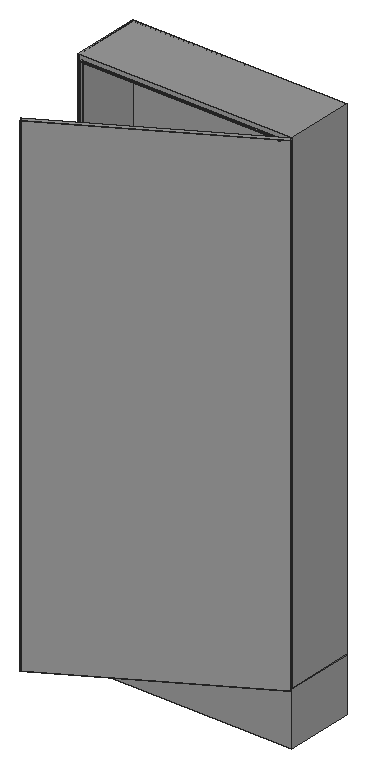
Revit family "Hager-Univers-IP55-D275-H2050-Cl.II-Steel_encl-NoHosted-PL-en", category Equipement électrique, Revit 2020
Family settings
  Configuration du panneau = Deux colonnes, circuits au sein
  Cote de connecteur circulaire = Utiliser le diamètre
  Type d'élément = Tableau de raccordement
  Basée sur le plan de construction = Oui
  Toujours verticalement = Oui
  Couper avec des vides une fois chargée = Non
  Partagée = Non
  Point de calcul de pièce = Non
Parameters (values of type "Floor installation IP55 W800 H2050 D275  - FR23S2")
  Width Control [instance] = if([EF000008 - Width] > Min Width, [EF000008 - Width], Min Width)  # 800 mm
  Commentaires du type = [HG000003 - Range]  # "Univers"
  Thickness Door [instance] = if([EF009171 - Material plate thickness door/cover] > 3 mm, 3 mm, [EF009171 - Material plate thickness door/cover])  # 1.5 mm
  Seal Frame Offset [instance] = 17 mm  # constant formula
  Plinth Visibility [instance] = [HG000027 - Plinth height] > 0 mm  # yes
  Min Width [instance] = 100 mm  # constant formula
  Min Depth [instance] = (2 * [EF009170 - Material plate thickness cabinet]) + 1 mm  # 4 mm
  Min Height [instance] = 100 mm  # constant formula
  Internal Frame Depth [instance] = (Door System Depth * 0.5)  # 9 mm
  Panel Name [instance] = ""  # (empty or 0)
  Model = ""
  HG000027 - Plinth height = 200 mm
  HG000026 - Floor standing = yes
  HG000024 - Bottom section height = 600 mm
  HG000023 - Double section enclosure = no
  HG000016 - Door 3d visibility [instance] = yes
  HG000015 - Clearance visibility [instance] = no
  HG000014 - Door on the right [instance] = yes
  HG000013 - Door on the left [instance] = not([HG000014 - Door on the right])  # no
  HG000012 - Door swing angle [instance] = 30.00°
  HG000010 - Asymmetric doors = no
  HG000009 - Double swing door = no
  HG000006 - Flush mounted = no
  HG000004 - Manufacturer reference = "FR23S2"
  HG000003 - Range = "Univers"
  HG000002 - With door or cover = yes
  Frame Offset Bottom [instance] = 10 mm  # constant formula
  Frame Offset [instance] = 15 mm  # constant formula
  EF015940 - Cover with overpressure release = no
  EF011959 - Degree of protection (NEMA) = ""
  EF009554 - Number of openings for flange plates = 6
  EF009212 - Cover model = "EV000116 - Closed"
  EF009171 - Material plate thickness door/cover = 1.5 mm
  EF009170 - Material plate thickness cabinet = 1.5 mm
  EF008873 - Nominal current (In) = 800 A
  EF007800 - Suitable for lightning protection = no
  EF006306 - With lock = no
  EF006244 - Transparent cover/door = no
  EF005474 - Degree of protection (IP) = "EV006420 - IP55"
  EF004464 - Type of door = "EV002646 - Single"
  EF004427 - Number of modules = 432
  EF004293 - Impact strength = "EV008784 - IK10"
  EF003532 - Suitable for outdoor use = no
  EF002950 - Width in number of modular spacings = 24
  EF001613 - Circuit integrity = "EV000494 - None"
  EF001596 - Material housing = "EV000179 - Steel"
  EF001131 - Internal depth = 275 mm
  EF001088 - Extension possible = yes
  EF000437 - Number of conduit inlets = 6
  EF000339 - Type of cover = "EV004216 - Door"
  EF000266 - Number of rows = 12
  EF000218 - Built-in depth = 0 mm
  EF000118 - With mounting plate = no
  EF000116 - RAL-number = "7035"
  EF000049 - Depth = 275 mm
  EF000040 - Height = 2050 mm
  EF000008 - Width = 800 mm
  EF000007 - Colour = "EV000270 - Grey"
  EF000003 - Mounting method = "EV012274 - Floor installation"
  Door System Leaf Tolerance [instance] = 1.5 mm  # constant formula
  Door System Depth [instance] = 18 mm  # constant formula
  Door Height [instance] = Height Control - [HG000027 - Plinth height]  # 1850 mm
  Description = ""
  Default Elevation = 1219.2 mm
  Connector Offset [instance] = Height Control / 2  # 1025 mm
  Fabricant = "Hager"  # constant formula
  Height Control [instance] = if([EF000040 - Height] > Min Height, [EF000040 - Height], Min Height)  # 2050 mm
  Depth Control [instance] = if([EF000049 - Depth] > Min Depth, [EF000049 - Depth], Min Depth)  # 275 mm
  Bottom Top Plate Trim [instance] = 1.5 mm  # constant formula
  Plinth height Ctrl [instance] = if([HG000027 - Plinth height] > 0 mm, [HG000027 - Plinth height], 12 mm)  # 200 mm
Types (11, lengths in mm): name | Width Control | HG000010 - Asymmetric doors | HG000009 - Double swing door | HG000004 - Manufacturer reference | EF009554 - Number of openings for flange plates | EF006244 - Transparent cover/door | EF004464 - Type of door | EF004427 - Number of modules | EF000437 - Number of conduit inlets | EF000008 - Width
  Floor installation IP55 W1050 H2050 D275  - FR24L2 | 1050 | yes | yes | "FR24L2" | 8 | yes | "EV003602 - Double" | 576 | 8 | 1050
  Floor installation IP55 W1050 H2050 D275  - FR24S2 | 1050 | yes | yes | "FR24S2" | 8 | no | "EV003602 - Double" | 576 | 8 | 1050
  Floor installation IP55 W1300 H2050 D275  - FR25L2 | 1300 | yes | yes | "FR25L2" | 10 | yes | "EV003602 - Double" | 720 | 10 | 1300
  Floor installation IP55 W1300 H2050 D275  - FR25S2 | 1300 | yes | yes | "FR25S2" | 10 | no | "EV003602 - Double" | 720 | 10 | 1300
  Floor installation IP55 W1550 H2050 D275  - FR26L2 | 1550 | yes | yes | "FR26L2" | 12 | yes | "EV003602 - Double" | 864 | 12 | 1550
  Floor installation IP55 W1550 H2050 D275  - FR26S2 | 1550 | yes | yes | "FR26S2" | 12 | no | "EV003602 - Double" | 864 | 12 | 1550
  Floor installation IP55 W300 H2050 D275  - FR21S2 | 300 | no | no | "FR21S2" | 2 | no | "EV002646 - Single" | 144 | 2 | 300
  Floor installation IP55 W550 H2050 D275  - FR22L2 | 550 | no | no | "FR22L2" | 4 | yes | "EV002646 - Single" | 288 | 4 | 550
  Floor installation IP55 W550 H2050 D275  - FR22S2 | 550 | no | no | "FR22S2" | 4 | no | "EV002646 - Single" | 288 | 4 | 550
  Floor installation IP55 W800 H2050 D275  - FR23L2 | 800 | no | no | "FR23L2" | 6 | yes | "EV002646 - Single" | 432 | 6 | 800
  Floor installation IP55 W800 H2050 D275  - FR23S2 | 800 | no | no | "FR23S2" | 6 | no | "EV002646 - Single" | 432 | 6 | 800
Reference planes
  plane 1 "Center (Front/Back)": y = 0
  plane 2: z = 0
  plane 3 "Center (Left/Right)": x = 0
  plane 4: y = 0
  plane 5: y = 0
  plane 6: z = 0
  plane 7: x = -400
  plane 8: x = 400
  plane 9: x = 398.5
  plane 10: x = -398.5
  plane 11: z = 200
  plane 12: z = 201.5
  plane 13: y = -275
  plane 14: y = -1.5
  plane 15: x = 0
  plane 16: y = -257
  plane 17: y = -273.5
  plane 18: y = -255.5
  plane 19: x = -383.5
  plane 20: x = 383.5
  plane 21: z = 211.5
  plane 22: x = -383
  plane 23: x = 383
  plane 24: z = 200
  plane 25: z = 2050
  plane 26: z = 2050
  plane 27: z = 2033.5
  plane 28: z = 2048.5
Forms (mm)
  Extrusion 1, solid, material "Hager_Steel_RAL7035_Light_Grey", detail levels medium+fine
    sketch origin (-208.679, -4572, 200) x (-1, 0, 0) y (0, -1, 0)
      loop
        line (191.321, -4315) -> (-608.679, -4315) -> (-608.679, -4572) -> (191.321, -4572) -> (191.321, -4315)
    from 0 to 1850
  Extrusion 2, void
    sketch origin (-350.771, -275, 1219.2) x (1, 0, 0) y (0, 0, 1)
      loop
        line (-47.729, 829.3) -> (-47.729, -1017.7) -> (749.271, -1017.7) -> (749.271, 829.3) -> (-47.729, 829.3)
    from -19.5 to -273.5
  Extrusion 3, void
    sketch origin (-290.084, -257, 1219.2) x (1, 0, 0) y (0, 0, 1)
      loop
        line (-93.416, -1007.7) -> (673.584, -1007.7) -> (673.584, 814.3) -> (-93.416, 814.3) -> (-93.416, -1007.7)
    from 0 to -1.5
  Extrusion 4, solid, material "Hager_Steel_RAL7035_Light_Grey", visible <- "Plinth Visibility", detail levels medium+fine
    sketch origin (0, 0, 0) x (1, 0, 0) y (0, 1, 0)
      loop
        line (-400, 0) -> (-400, -257) -> (400, -257) -> (400, 0) -> (-400, 0)
    from 0 to 200 <- "Plinth height Ctrl"
  Extrusion 5, solid, material "Hager_Steel_RAL7035_Light_Grey", detail levels coarse
    sketch origin (0, 0, 0) x (1, 0, 0) y (0, 1, 0)
      loop
        line (-400, 0) -> (-400, -275) -> (400, -275) -> (400, 0) -> (-400, 0)
    from 0 to 2050 <- "Height Control"
  Sweep 6, void
    path in 3D
      loop
        line (-400, -257, 200) -> (400, -257, 200) -> (400, 0, 200) -> (-400, 0, 200) -> (-400, -257, 200)
    profile origin (-400, -128.5, 200) x (1, 0, 0) y (0, 0, 1)
      loop
        line (0, 0) -> (0, -1.5) -> (1.5, -1.5)
        arc (1.5, -1.5) -> (1.061, -0.439) -> (0, 0) r 1.5
  Extrusion 7, solid, material "Hager_Steel_RAL7035_Light_Grey", detail levels fine
    sketch origin (-400, -257, 200) x (1, 0, 0) y (0, 0, 1)
      loop
        line (16.5, 11.5) -> (783.5, 11.5) -> (783.5, 1833.5) -> (16.5, 1833.5) -> (16.5, 11.5)
      loop
        line (15, 10) -> (785, 10) -> (785, 1835) -> (15, 1835) -> (15, 10)
    from 0 to 9 <- "Internal Frame Depth"
Cuts and joins
  Extrusion 2, Extrusion 3 cuts Extrusion 1
  Sweep 6 cuts Extrusion 4
Lines and regions (mm)
  Masking region 1
    outline origin (0, 0, 0) x (1, 0, 0) y (0, 1, 0)
      loop
        line (-400, 0) -> (-400, -275) -> (400, -275) -> (400, 0) -> (-400, 0)
  Masking region 2, detail levels coarse
    outline origin (-290.084, -257, 1219.2) x (-1, 0, 0) y (0, 0, 1)
      loop
        line (-690.084, -1219.2) -> (109.916, -1219.2) -> (109.916, 830.8) -> (-690.084, 830.8) -> (-690.084, -1219.2)
  Masking region 3, detail levels coarse
    outline origin (0, 0, 0) x (0, 1, 0) y (0, 0, 1)
      loop
        line (0, 0) -> (0, 2050) -> (-275, 2050) -> (-275, 0) -> (0, 0)
  Masking region 4, visible <- "Plinth Visibility", detail levels medium+fine
    outline origin (0, 0, 0) x (0, 1, 0) y (0, 0, 1)
      loop
        line (-1.5, 200) -> (-255.5, 200)
        arc (-255.5, 200) -> (-255.939, 198.939) -> (-257, 198.5) r 1.5
        line (-257, 198.5) -> (-257, 0) -> (0, 0) -> (0, 198.5)
        arc (0, 198.5) -> (-1.061, 198.939) -> (-1.5, 200) r 1.5
  Masking region 5, detail levels medium+fine
    outline origin (0, 0, 594.038) x (0, 1, 0) y (0, 0, 1)
      loop
        line (0, -394.038) -> (0, 1455.962) -> (-257, 1455.962) -> (-257, -394.038) -> (0, -394.038)
  Masking region 6, detail levels medium+fine
    outline origin (-359.7, -257, 1211.883) x (-1, 0, 0) y (0, 0, 1)
      loop
        line (-759.7, -1011.883) -> (40.3, -1011.883) -> (40.3, 838.117) -> (-759.7, 838.117) -> (-759.7, -1011.883)
  Masking region 7, visible <- "Plinth Visibility", detail levels medium+fine
    outline origin (-320.334, -257, 1041.368) x (-1, 0, 0) y (0, 0, 1)
      loop
        line (-720.334, -1041.368) -> (79.666, -1041.368) -> (79.666, -842.868)
        arc (79.666, -842.868) -> (78.606, -842.429) -> (78.166, -841.368) r 1.5
        line (78.166, -841.368) -> (-718.834, -841.368)
        arc (-718.834, -841.368) -> (-719.273, -842.429) -> (-720.334, -842.868) r 1.5
        line (-720.334, -842.868) -> (-720.334, -1041.368)
  sketch lines
    curve 1: line (-400, 0, 200) -> (-400, -257, 200)
    curve 2: line (-400, -257, 200) -> (400, -257, 200)
    curve 3: line (400, 0, 200) -> (-400, 0, 200)
    curve 4: line (400, -257, 200) -> (400, 0, 200)
Dimensions and locks
  locked: plane 1 "Center (Front/Back)" to plane 5
  "EF009170 - Material plate thickness cabinet": plane 7 to plane 10
  "EF009170 - Material plate thickness cabinet": plane 8 to plane 9
  equal spacing: plane 7, plane 3 "Center (Left/Right)", plane 8
  "Width Control": plane 7 to plane 8
  "Depth Control": plane 4 to plane 13
  "EF009170 - Material plate thickness cabinet": plane 4 to plane 14
  "Height Control": plane 25 to level
  "HG000027 - Plinth height": plane 11 to level
  "EF009170 - Material plate thickness cabinet": plane 12 to plane 11
  "EF009170 - Material plate thickness cabinet": plane 17 to plane 13
  "EF009170 - Material plate thickness cabinet": plane 18 to plane 16
  "Frame Offset Bottom": plane 21 to plane 12
  "Frame Offset": plane 10 to plane 19
  "Frame Offset": plane 9 to plane 20
  "Door System Depth": plane 16 to plane 13
  "Seal Frame Offset": plane 7 to plane 22
  "Seal Frame Offset": plane 8 to plane 23
  "EF009170 - Material plate thickness cabinet": plane 26 to plane 28
  "Frame Offset": plane 28 to plane 27
  "Connector Offset": plane 2 to connector elem
  "Bottom Top Plate Trim": profile plane to Sweep 6 sketch curve
  "Bottom Top Plate Trim": Sweep 6 sketch curve to Sweep 6 sketch curve
  "Plinth height Ctrl": Masking region 4 sketch curve to level
  "Plinth height Ctrl": Masking region 7 sketch curve to level
  "Thickness Door": Extrusion 7 sketch curve to Extrusion 7 sketch curve  (x4)
  "Bottom Top Plate Trim": radius of Sweep 6 sketch curve
  "Bottom Top Plate Trim": radius of Masking region 4 sketch curve  (x2)
  "Bottom Top Plate Trim": radius of Masking region 7 sketch curve  (x2)
  aligned and locked: Extrusion 2 sketch curve to plane 12
  aligned and locked: Extrusion 2 sketch curve to plane 9
  aligned and locked: Extrusion 2 sketch curve to plane 10
  aligned and locked: Extrusion 2 to plane 14
  aligned and locked: Extrusion 1 sketch curve to plane 4
  aligned and locked: plane 8 to Extrusion 1 sketch curve
  aligned and locked: plane 7 to Extrusion 1 sketch curve
  aligned and locked: Extrusion 2 to plane 18
  aligned and locked: Extrusion 3 sketch curve to plane 19
  aligned and locked: plane 20 to Extrusion 3 sketch curve
  aligned and locked: Extrusion 3 to Extrusion 2
  aligned and locked: Extrusion 3 sketch curve to plane 21
  aligned and locked: plane 3 "Center (Left/Right)" to nested 1
  aligned and locked: Extrusion 1 sketch curve to plane 16
  aligned and locked: Extrusion 4 sketch curve to cut or joined group of Extrusion 1, Extrusion 2, Extrusion 3
  aligned and locked: Masking region 1 sketch curve to plane 7
  aligned and locked: Masking region 1 sketch curve to plane 5
  aligned and locked: Masking region 1 sketch curve to plane 8
  aligned and locked: Masking region 2 sketch curve to level
  aligned and locked: level to Masking region 3 sketch curve
  aligned and locked: plane 1 "Center (Front/Back)" to Masking region 3 sketch curve
  aligned and locked: plane 13 to Masking region 3 sketch curve
  aligned and locked: plane 5 to Masking region 4 sketch curve
  aligned and locked: Masking region 2 sketch curve to plane 8
  aligned and locked: Masking region 2 sketch curve to plane 7
  aligned and locked: plane 7 to nested 2
  aligned and locked: nested 2 to plane 5
  aligned and locked: plane 5 to Masking region 5 sketch curve
  aligned and locked: plane 26 to Masking region 5 sketch curve
  aligned and locked: Extrusion 5 sketch curve to plane 8
  aligned and locked: Extrusion 5 sketch curve to plane 7
  aligned and locked: Extrusion 5 sketch curve to plane 5
  aligned and locked: Extrusion 3 sketch curve to plane 27
  aligned and locked: Extrusion 2 sketch curve to plane 28
  aligned and locked: Masking region 2 to plane 25
  aligned and locked: Extrusion 4 to plane 16
  aligned and locked: profile plane to Sweep 6 sketch curve
  aligned and locked: Masking region 5 sketch curve to plane 24
  aligned and locked: level to Masking region 4 sketch curve
  aligned and locked: Masking region 1 to plane 13
  aligned and locked: nested 1 to plane 16
  aligned and locked: Masking region 3 to plane 25
  aligned and locked: plane 16 to Masking region 4 sketch curve
  aligned and locked: Masking region 5 sketch curve to plane 16
  aligned and locked: plane 24 to plane 11
  aligned and locked: plane 26 to plane 25
  aligned and locked: plane 26 to cut or joined group of Extrusion 1, Extrusion 2, Extrusion 3
  aligned and locked: nested 1 to plane 24
  aligned and locked: Extrusion 1 to Extrusion 3
  aligned and locked: Masking region 6 sketch curve to plane 8
  aligned and locked: Masking region 6 sketch curve to plane 24
  aligned and locked: Masking region 6 sketch curve to plane 7
  aligned and locked: Masking region 6 sketch curve to plane 26
  aligned and locked: Masking region 7 sketch curve to plane 7
  aligned and locked: level to Masking region 7 sketch curve
  aligned and locked: Masking region 7 sketch curve to plane 8
  aligned and locked: Extrusion 7 sketch curve to cut or joined group of Extrusion 1, Extrusion 2, Extrusion 3  (x4)
Automatic sketch dimensions
  plane 19 to Extrusion 3 sketch curve = 0 mm
  Extrusion 3 sketch curve to plane 20 = 0 mm
  Extrusion 3 sketch curve to plane 21 = 0 mm
  Extrusion 4 sketch curve to plane 7 = 0 mm
  Extrusion 4 sketch curve to plane 8 = 0 mm
  Extrusion 4 sketch curve to plane 16 = 0 mm
  Masking region 1 sketch curve to plane 13 = 0 mm
  Masking region 2 sketch curve to plane 25 = 0 mm
  Masking region 3 sketch curve to plane 25 = 0 mm
  Extrusion 5 sketch curve to plane 13 = 0 mm
  profile plane to Sweep 6 sketch curve = 0 mm
Nested families
  nested 1: "EC000058_Univers_Door" at (0, -257, 200), Double <- "HG000009 - Double swing door", Transparent <- "EF006244 - Transparent cover/door", Angle <- "HG000012 - Door swing angle", Door_Right <- "HG000014 - Door on the right", Assymetrical <- "HG000010 - Asymmetric doors", Door <- "HG000002 - With door or cover", Width_Ctrl <- "Width Control", 3d_Door <- "HG000016 - Door 3d visibility", Clearance <- "HG000015 - Clearance visibility", Door_Left <- "HG000013 - Door on the left", Width <- "Width Control", Door_Depth <- "Door System Depth", Leaf_Tolerance <- "Door System Leaf Tolerance", Height <- "Door Height", Lock_Visibility <- "EF006306 - With lock", Thickness <- "Thickness Door", type "EC000058_Univers_Door", detail levels medium+fine
    with min_wh 4 mm, Width_Ctrl 800 mm, Width 800 mm, Transparent no, Thickness 1.5 mm, Seal_Material Hager_Rubber, Lock_Visibility no, Lock_Material Hager_Plastic_RAL9005_Jet_Black, Leaf_Width 800 mm, Leaf_Tolerance_External_Sides 0 mm, Leaf_Tolerance 1.5 mm, Leaf_Offset 0 mm, Leaf_Height 1847 mm, Leaf_2_Width 800 mm, Leaf_2_Offset 400 mm, Leaf_1_Width 800 mm, Leaf_1_Offset 400 mm, Height_Ctrl 1850 mm, Height 1850 mm, Glass_Material Hager_Glass, Double_Clearance_Ctrl no, Double no, Door_Right_Ctrl yes, Door_Right yes, Door_Material Hager_Steel_RAL7035_Light_Grey, Door_Left_Ctrl no, Door_Left no, Door_Depth 18 mm, Door yes, Clearance_Material Hager_Clearance, Clearance_Depth 800 mm, Clearance_Ctrl no, Clearance no, Assymetrical no, Angle 30.00°, 3d_Door yes
  nested 2: "Hager_Enclosure_Symbol" at (-400, 0, 0), Height <- "Depth Control", Width <- "Width Control", type "Hager_Enclosure_Symbol"
    with Width_Ctrl 800 mm, Width 800 mm, Height_Ctrl 275 mm, Height 275 mm, A_Width_Int 18.047 mm, A_Width 216.562 mm, A_Height_Ctrl 240.625 mm, A_Height 240.625 mm
Connectors
  electrical at (0, 0, 1025)
    settings: on plane 1 "Center (Front/Back)", index 1, voltage 0 V, apparent load 0 VA, apparent load phase1 0 VA, apparent load phase2 0 VA, apparent load phase3 0 VA, power factor 1, load classification "Other", number of poles 1, system type 30, power factor state 1, is connector primary yes, connector utility no, sub classification motor no, connector description ""
Definition of nested family "EC000058_Univers_Door"
  Parameters (values of type "EC000058_Univers_Door")
    min_wh [instance] = (2 * Thickness) + 1 mm  # 11 mm
    Width_Ctrl [instance] = 400 mm
    Width [instance] = 500 mm
    Transparent [instance] = yes
    Thickness [instance] = 5 mm
    Seal_Material [instance] = none
    Lock_Visibility [instance] = yes
    Lock_Material [instance] = none
    Leaf_Width [instance] = if((Width_Ctrl - 2 * Leaf_Tolerance_External_Sides) > 0 mm, (Width_Ctrl - 2 * Leaf_Tolerance_External_Sides), min_wh)  # 400 mm
    Leaf_Tolerance_External_Sides [instance] = 0 mm  # constant formula
    Leaf_Tolerance [instance] = 1.5 mm
    Leaf_Offset [instance] = 0 mm  # constant formula
    Leaf_Height [instance] = if((Height_Ctrl - 2 * Leaf_Tolerance) > 0 mm, (Height_Ctrl - 2 * Leaf_Tolerance), min_wh)  # 497 mm
    Leaf_2_Width [instance] = if(and(and(Double, Assymetrical), Door_Left), (Leaf_Width / 3) - (Leaf_Tolerance / 2), if(and(and(Double, Assymetrical), Door_Right), (Leaf_Width / 3) * 2 - (Leaf_Tolerance / 2), if(and(Double, not(Assymetrical)), (Leaf_Width / 2) - Leaf_Tolerance, Leaf_Width)))  # 400 mm
    Leaf_2_Offset [instance] = if(and(Double, Assymetrical), Leaf_2_Width / 2, if(and(Double, not(Assymetrical)), Leaf_Width / 4, Leaf_Width / 2))  # 200 mm
    Leaf_1_Width [instance] = if(and(and(Double, Assymetrical), Door_Right), (Leaf_Width / 3) - (Leaf_Tolerance / 2), if(and(and(Double, Assymetrical), Door_Left), (Width / 3) * 2 - (Leaf_Tolerance / 2), if(and(Double, not(Assymetrical)), (Leaf_Width / 2) - Leaf_Tolerance, Leaf_Width)))  # 400 mm
    Leaf_1_Offset [instance] = if(and(Double, Assymetrical), Leaf_1_Width / 2, if(and(Double, not(Assymetrical)), Leaf_Width / 4, Leaf_Width / 2))  # 200 mm
    Height_Ctrl [instance] = if(Height > min_wh, Height, min_wh)  # 500 mm
    Height [instance] = 500 mm
    Glass_Material [instance] = none
    Double_Clearance_Ctrl [instance] = and(Double, Clearance)  # no
    Double [instance] = no
    Door_Right_Ctrl [instance] = and(or(Door_Right, Double), Door)  # yes
    Door_Right [instance] = yes
    Door_Material [instance] = none
    Door_Left_Ctrl [instance] = and(or(Door_Left, Double), Door)  # no
    Door_Left [instance] = no
    Door_Depth [instance] = 30 mm
    Door [instance] = yes
    Default Elevation = 1219.2 mm
    Clearance_Material [instance] = none
    Clearance_Depth [instance] = if(Leaf_1_Width > Leaf_2_Width, Leaf_1_Width, Leaf_2_Width)  # 400 mm
    Clearance_Ctrl [instance] = and(not(Double), Clearance)  # yes
    Clearance [instance] = yes
    Assymetrical [instance] = yes
    Angle [instance] = 30.00°
    3d_Door [instance] = yes
  Reference planes
    plane 1 "Center (Front/Back)": y = 0
    plane 2 "Bottom": z = 0
    plane 3 "Center (Left/Right)": x = 0
    plane 4: z = 500
    plane 5: x = -200
    plane 6: x = 200
    plane 7: z = 500
    plane 8: x = -200
    plane 9: z = 0
    plane 10: x = 200
    plane 11: y = 0
    plane 12: z = 1.5
    plane 13: x = -600
    plane 14: y = -400
    plane 15: x = 600
    plane 16: x = 0
    plane 17: x = 0
    plane 18: x = -200
    plane 19: x = 200
    plane 20: z = 498.5
  Forms (mm)
    Extrusion 1, solid, material <- "Clearance_Material", visible <- "Double_Clearance_Ctrl"
      sketch origin (1200, 0, 0) x (1, 0, 0) y (0, 0, -1)
        loop
          line (-1800, -498.5) -> (-600, -498.5) -> (-600, 0) -> (-1800, 0) -> (-1800, -498.5)
      from 0 to -400
  Dimensions and locks
    equal spacing: plane 5, plane 3 "Center (Left/Right)", plane 6
    "Width_Ctrl": plane 5 to plane 6
    "Leaf_Offset": plane 5 to plane 8
    "Leaf_Offset": plane 6 to plane 10
    "Leaf_Offset": plane 9 to level
    "Leaf_Offset": plane 4 to plane 7
    "Height_Ctrl": plane 4 to level
    "Leaf_Tolerance": plane 12 to plane 9
    locked: plane 11 to plane 1 "Center (Front/Back)"
    "Leaf_1_Offset": plane 18 to plane 16
    "Leaf_2_Offset": plane 17 to plane 19
    "Leaf_1_Width": plane 13 to plane 8
    "Leaf_2_Width": plane 10 to plane 15
    "Clearance_Depth": plane 14 to plane 1 "Center (Front/Back)"
    "Leaf_Tolerance_External_Sides": plane 8 to plane 18
    "Leaf_Tolerance_External_Sides": plane 19 to plane 10
    "Leaf_Tolerance": plane 7 to plane 20
    aligned and locked: level to plane 2 "Bottom"
    aligned and locked: nested 1 to plane 16
    aligned and locked: nested 2 to plane 17
    aligned and locked: Extrusion 1 to plane 13
    aligned and locked: plane 15 to Extrusion 1
    aligned and locked: Extrusion 1 to plane 14
    aligned and locked: plane 12 to nested 1
    aligned and locked: nested 2 to plane 12
    aligned and locked: Extrusion 1 to plane 11
    aligned and locked: plane 20 to Extrusion 1
    aligned and locked: nested 2 to plane 11
    aligned and locked: nested 1 to plane 11
  Automatic sketch dimensions
    Extrusion 1 sketch curve to level = 0 mm
    plane 5 to Extrusion 1 sketch curve = 400 mm
    plane 6 to Extrusion 1 sketch curve = 400 mm
    Extrusion 1 sketch curve to plane 4 = 1.5 mm
  Nested families
    nested 1: "EC000058_Univers_Door_Leaf" at (0, 0, 1.5), Width <- "Leaf_1_Width", visible <- "Door_Left_Ctrl", Leaf_Height <- "Leaf_Height", Angle <- "Angle", 3d_Door <- "3d_Door", Transparent <- "Transparent", Clearance Material <- "Clearance_Material", Clearance <- "Clearance_Ctrl", Door_Material <- "Door_Material", Glass_Material <- "Glass_Material", Door_Depth <- "Door_Depth", Lock_Material <- "Lock_Material", Seal_Material <- "Seal_Material", Lock_Visibility <- "Lock_Visibility", Thickness <- "Thickness", type "EC000058_Univers_Door_Leaf"
      with Width 400 mm, Transparent_Glass_Offset 30 mm, Transparent_Ctrl yes, Transparent yes, Thickness 5 mm, Standard no, Seal_Material none, Seal_D2 8 mm, Seal_D1 1 mm, Offset_Internal_Frame 10 mm, Lock_Width 20 mm, Lock_Visibility_3d yes, Lock_Visibility yes, Lock_Thickness_3 3 mm, Lock_Thickness_2 1 mm, Lock_Thickness_1 3 mm, Lock_Radius_Offset_2 16 mm, Lock_Radius_Offset_1 15 mm, Lock_Radius_2 5 mm, Lock_Radius 6 mm, Lock_Offset 5 mm, Lock_Material none, Lock_Height 80 mm, Lock_Cover_Top_Offset_2d 17 mm, Lock_Cover_Height -65 mm, Leaf_Height 497 mm, Internal_Seal_Thickness 8 mm, Internal_Seal_Depth_2 4.5 mm, Internal_Frame_Depth 25 mm, Glass_Thickness -1 mm, Glass_Offset -2 mm, Glass_Material none, Door_Material none, Door_Depth 30 mm, Clearance Material none, Clearance yes, Angle_Ctrl 30.00°, Angle 30.00°, 3d_Door yes
    nested 2: "EC000058_Univers_Door_Leaf" at (0, 0, 1.5) x (-1, 0, 0) z (0, 0, 1), Width <- "Leaf_2_Width", visible <- "Door_Right_Ctrl", Leaf_Height <- "Leaf_Height", Angle <- "Angle", 3d_Door <- "3d_Door", Transparent <- "Transparent", Clearance Material <- "Clearance_Material", Clearance <- "Clearance_Ctrl", Door_Material <- "Door_Material", Glass_Material <- "Glass_Material", Door_Depth <- "Door_Depth", Lock_Material <- "Lock_Material", Seal_Material <- "Seal_Material", Lock_Visibility <- "Lock_Visibility", Thickness <- "Thickness", type "EC000058_Univers_Door_Leaf"
      with Width 400 mm, Transparent_Glass_Offset 30 mm, Transparent_Ctrl yes, Transparent yes, Thickness 5 mm, Standard no, Seal_Material none, Seal_D2 8 mm, Seal_D1 1 mm, Offset_Internal_Frame 10 mm, Lock_Width 20 mm, Lock_Visibility_3d yes, Lock_Visibility yes, Lock_Thickness_3 3 mm, Lock_Thickness_2 1 mm, Lock_Thickness_1 3 mm, Lock_Radius_Offset_2 16 mm, Lock_Radius_Offset_1 15 mm, Lock_Radius_2 5 mm, Lock_Radius 6 mm, Lock_Offset 5 mm, Lock_Material none, Lock_Height 80 mm, Lock_Cover_Top_Offset_2d 17 mm, Lock_Cover_Height -65 mm, Leaf_Height 497 mm, Internal_Seal_Thickness 8 mm, Internal_Seal_Depth_2 4.5 mm, Internal_Frame_Depth 25 mm, Glass_Thickness -1 mm, Glass_Offset -2 mm, Glass_Material none, Door_Material none, Door_Depth 30 mm, Clearance Material none, Clearance yes, Angle_Ctrl 30.00°, Angle 30.00°, 3d_Door yes
  Definition of nested family "EC000058_Univers_Door_Leaf"
    Parameters (values of type "EC000058_Univers_Door_Leaf")
      Width [instance] = 2000 mm
      Transparent_Glass_Offset [instance] = 30 mm
      Transparent_Ctrl [instance] = and(Transparent, [3d_Door])  # yes
      Transparent [instance] = yes
      Thickness [instance] = 5 mm
      Standard [instance] = and(not(Transparent), [3d_Door])  # no
      Seal_Material [instance] = none
      Seal_D2 [instance] = 8 mm  # constant formula
      Seal_D1 [instance] = 1 mm  # constant formula
      Offset_Internal_Frame [instance] = 10 mm  # constant formula
      Lock_Width [instance] = 20 mm  # constant formula
      Lock_Visibility_3d [instance] = and(Lock_Visibility, [3d_Door])  # yes
      Lock_Visibility [instance] = yes
      Lock_Thickness_3 [instance] = 3 mm  # constant formula
      Lock_Thickness_2 [instance] = 1 mm  # constant formula
      Lock_Thickness_1 [instance] = 3 mm  # constant formula
      Lock_Radius_Offset_2 [instance] = Lock_Radius_Offset_1 + 1 mm  # 16 mm
      Lock_Radius_Offset_1 [instance] = 15 mm  # constant formula
      Lock_Radius_2 [instance] = Lock_Radius - 1 mm  # 5 mm
      Lock_Radius [instance] = 6 mm  # constant formula
      Lock_Offset [instance] = 5 mm  # constant formula
      Lock_Material [instance] = none
      Lock_Height [instance] = 80 mm  # constant formula
      Lock_Cover_Top_Offset_2d [instance] = Lock_Radius_Offset_2 + 1 mm  # 17 mm
      Lock_Cover_Height [instance] = -(Lock_Height - Lock_Radius_Offset_1)  # -65 mm
      Leaf_Height [instance] = 2720.336 mm
      Internal_Seal_Thickness [instance] = 8 mm  # constant formula
      Internal_Seal_Depth_2 [instance] = 4.5 mm  # constant formula
      Internal_Frame_Depth [instance] = if(Door_Depth - Thickness > 5 mm, Door_Depth - Thickness, 5 mm)  # 25 mm
      Glass_Thickness [instance] = if(Thickness > 15 mm, Glass_Offset + 10 mm, -1 mm)  # -1 mm
      Glass_Offset [instance] = if(Thickness > 15 mm, -(Thickness + 10 mm) / 2, -2 mm)  # -2 mm
      Glass_Material [instance] = none
      Door_Material [instance] = none
      Door_Depth [instance] = 30 mm
      Default Elevation = 0 mm
      Clearance Material [instance] = none
      Clearance [instance] = yes
      Angle_Ctrl [instance] = if(Angle > 180.00°, 180.00°, Angle)  # 90.00°
      Angle [instance] = 90.00°
      3d_Door [instance] = yes
    Reference planes
      plane 1 "Center (Front/Back)": y = 0
      plane 2: z = 0
      plane 3 "Center (Left/Right)": x = 0
      plane 4: y = 2000
      plane 5: x = -1000
      plane 6: x = 1000
      plane 7: x = -3000
      plane 8: z = 2720.336
      plane 9: z = 30
      plane 10: z = 2690.336
      plane 11: x = 970
      plane 12: x = -970
      plane 13: y = -3
      plane 14: z = 107.833
      plane 15: y = -5
      plane 16: y = -223.314
      plane 17: x = -1000
      plane 18: z = 1360.168
      plane 19: y = 30
    Forms (mm)
      Extrusion 1, solid, material <- "Clearance Material", visible <- "Clearance"
        sketch origin (0, 0, 0) x (1, 0, 0) y (0, 0, 1)
          loop
            line (-3000, 2720.336) -> (-3000, 0) -> (1000, 0) -> (1000, 2720.336) -> (-3000, 2720.336)
        from 0 to -2000
      Extrusion 2, solid, material <- "Door_Material", visible <- "Standard", detail levels medium+fine
        sketch origin (-1000, 0, 0) x (0, 1, 0) y (-1, 0, 0)
          loop
            line (0, 30) -> (0, 25) -> (2000, 25) -> (2000, 30) -> (0, 30)
        from 0 to 2720.336 <- "Leaf_Height"
      Extrusion 3, solid, material <- "Door_Material", visible <- "Transparent_Ctrl", detail levels medium+fine
        sketch origin (-1000, 0, 0) x (0, 1, 0) y (-1, 0, 0)
          loop
            line (0, 25) -> (2000, 25) -> (2000, 30) -> (0, 30) -> (0, 25)
        from 0 to 2720.336 <- "Leaf_Height"
      Extrusion 4, void
        sketch origin (-1025, 2000, 0) x (0, 1, 0) y (0, 0, -1)
          loop
            line (-30, -2690.336) -> (-30, -30) -> (-1970, -30) -> (-1970, -2690.336) -> (-30, -2690.336)
        from 0 to 5 <- "Thickness"
      Sweep 5, solid, material <- "Seal_Material", visible <- "Transparent_Ctrl", detail levels fine
        path in 3D
          loop
            line (-1025, 30, 30) -> (-1025, 30, 2690.336) -> (-1025, 1970, 2690.336) -> (-1025, 1970, 30) -> (-1025, 30, 30)
        profile origin (-1025, 1000, 30) x (1, 0, 0) y (0, 0, 1)
          loop
            line (0, 0) -> (0, -8) -> (1, -8) -> (1, 0) -> (0, 0)
      Extrusion 6, solid, material <- "Glass_Material", visible <- "Transparent_Ctrl", detail levels medium+fine
        sketch origin (-1030, 0, 0) x (0, 1, 0) y (0, 0, -1)
          loop
            line (1970, -2690.336) -> (1970, -30) -> (30, -30) -> (30, -2690.336) -> (1970, -2690.336)
        from -2 <- "Glass_Offset" to -1 <- "Glass_Thickness"
      Extrusion 7, solid, material <- "Door_Material", visible <- "3d_Door", detail levels medium+fine
        sketch origin (-1025, 2000, 0) x (0, -1, 0) y (0, 0, -1)
          loop
            line (0, -2720.336) -> (2000, -2720.336) -> (2000, 0) -> (0, 0) -> (0, -2720.336)
          loop
            line (1995, -5) -> (5, -5) -> (5, -2715.336) -> (1995, -2715.336) -> (1995, -5)
        from 0 to 25 <- "Internal_Frame_Depth"
      Sweep 8, solid, material <- "Seal_Material", visible <- "Transparent_Ctrl", detail levels fine
        path in 3D
          loop
            line (-1025, 0, 0) -> (-1025, 2000, 0) -> (-1025, 2000, 2720.336) -> (-1025, 0, 2720.336) -> (-1025, 0, 0)
        profile origin (-1025, 0, 1360.168) x (1, 0, 0) y (0, 1, 0)
          loop
            line (0, 10) -> (2.975, 10)
            arc (2.975, 10) -> (4.053, 10.447) -> (4.5, 11.525) r 1.525
            line (4.5, 11.525) -> (4.5, 16.527)
            arc (4.5, 16.527) -> (4.069, 17.569) -> (3.027, 18) r 1.473
            line (3.027, 18) -> (0, 18) -> (0, 10)
      Extrusion 9, solid, material <- "Lock_Material", visible <- "Lock_Visibility_3d", detail levels fine
        sketch origin (-1030, 0, 0) x (0, 1, 0) y (0, 0, -1)
          loop
            arc (1993.5, -1400.168) -> (1994.561, -1399.729) -> (1995, -1398.668) r 1.5
            line (1995, -1398.668) -> (1995, -1320.168) -> (1975, -1320.168) -> (1975, -1398.668)
            arc (1975, -1398.668) -> (1975.439, -1399.729) -> (1976.5, -1400.168) r 1.5
            line (1976.5, -1400.168) -> (1993.5, -1400.168)
        from 3 <- "Lock_Thickness_1" to 0
      Blend 10, solid, material <- "Lock_Material", visible <- "Lock_Visibility_3d", detail levels fine
        base sketch origin (-1033, 0, 0) x (0, 1, 0) y (0, 0, -1)
          loop
            line (1975, -1320.168) -> (1975, -1398.668)
            arc (1975, -1398.668) -> (1975.439, -1399.729) -> (1976.5, -1400.168) r 1.5
            line (1976.5, -1400.168) -> (1993.5, -1400.168)
            arc (1993.5, -1400.168) -> (1994.561, -1399.729) -> (1995, -1398.668) r 1.5
            line (1995, -1398.668) -> (1995, -1320.168) -> (1975, -1320.168)
        top sketch origin (-1033, 0, 0) x (0, 1, 0) y (0, 0, -1)
          loop
            line (1976, -1320.168) -> (1976, -1398.668)
            arc (1976, -1398.668) -> (1976.146, -1399.022) -> (1976.5, -1399.168) r 0.5
            line (1976.5, -1399.168) -> (1993.5, -1399.168)
            arc (1993.5, -1399.168) -> (1993.854, -1399.022) -> (1994, -1398.668) r 0.5
            line (1994, -1398.668) -> (1994, -1320.168) -> (1976, -1320.168)
        from 0 to 1 <- "Lock_Thickness_2"
      Blend 11, solid, material <- "Lock_Material", visible <- "Lock_Visibility_3d", detail levels fine
        base sketch origin (-1034, 0, 0) x (0, 1, 0) y (0, 0, -1)
          loop
            line (1978, -1320.168) -> (1978, -1384.168)
            arc (1978, -1384.168) -> (1985, -1391.168) -> (1992, -1384.168) r 7
            line (1992, -1384.168) -> (1992, -1320.168) -> (1978, -1320.168)
        top sketch origin (-1034, 0, 0) x (0, 1, 0) y (0, 0, -1)
          loop
            line (1991, -1320.168) -> (1979, -1320.168) -> (1979, -1383.168)
            arc (1979, -1383.168) -> (1985, -1389.168) -> (1991, -1383.168) r 6
            line (1991, -1383.168) -> (1991, -1320.168)
        from 0 to 3 <- "Lock_Thickness_3"
      Extrusion 12, solid, material <- "Lock_Material", visible <- "Lock_Visibility_3d", detail levels fine
        sketch origin (-1030, 1975, 1320.168) x (1, 0, 0) y (0, -1, 0)
          loop
            line (-7, -19) -> (-7, -1) -> (0, -1) -> (0, 0) -> (-8, 0) -> (-8, -20) -> (0, -20) -> (0, -19) -> (-7, -19)
        from 0 to -65 <- "Lock_Cover_Height"
      Extrusion 13, void
        sketch origin (-1038, 1995, 1320.168) x (-1, 0, 0) y (0, 0, -1)
          loop
            line (-5, -65) -> (0, -65) -> (-5, -60) -> (-5, -65)
        from 0 to 20 <- "Lock_Width"
      Extrusion 14, void
        sketch origin (-1038, 1975, 1320.168) x (0, -1, 0) y (0, 0, -1)
          loop
            circle (-10, -15.995) r 6
          loop
            circle (-10, -15.995) r 5
        from 0 to 2
      Extrusion 15, solid, material <- "Lock_Material", visible <- "Lock_Visibility_3d", detail levels medium
        sketch origin (-1030, 0, 0) x (0, 1, 0) y (0, 0, -1)
          loop
            arc (1993.5, -1400.168) -> (1994.561, -1399.729) -> (1995, -1398.668) r 1.5
            line (1995, -1398.668) -> (1995, -1320.168) -> (1975, -1320.168) -> (1975, -1398.668)
            arc (1975, -1398.668) -> (1975.439, -1399.729) -> (1976.5, -1400.168) r 1.5
            line (1976.5, -1400.168) -> (1993.5, -1400.168)
        from 8 to 0
    Cuts and joins
      Extrusion 4 cuts Extrusion 3
      Extrusion 13, Extrusion 14 cuts Extrusion 9
      Extrusion 14 cuts Blend 11
      Extrusion 13, Extrusion 14 cuts Extrusion 12
      joined: Extrusion 9, Blend 10, Blend 11, Extrusion 12
      Extrusion 14 cuts Extrusion 15
    Lines and regions (mm)
      Masking region 1, visible <- "Lock_Visibility", detail levels fine
        outline origin (0, 0, 0) x (0, 1, 0) y (0, 0, 1)
          loop
            line (30, 1320.168) -> (33, 1320.168) -> (33, 1400.168) -> (30, 1400.168) -> (30, 1320.168)
      Masking region 2, visible <- "Lock_Visibility", detail levels fine
        outline origin (0, 3.143, 0) x (0, 1, 0) y (0, 0, 1)
          loop
            line (29.857, 1354.168) -> (30.857, 1354.168) -> (30.857, 1366.168) -> (29.857, 1366.168) -> (29.857, 1354.168)
      Masking region 3, detail levels medium+fine
        outline origin (0, 0, 0) x (0, 1, 0) y (0, 0, 1)
          loop
            line (0, 0) -> (30, 0) -> (30, 2720.336) -> (0, 2720.336) -> (0, 0)
      Masking region 4, detail levels medium+fine
        outline origin (0, 0, 0) x (1, 0, 0) y (0, 0, 1)
          loop
            line (-1000, 2720.336) -> (-1000, 0) -> (1000, 0) -> (1000, 2720.336) -> (-1000, 2720.336)
      Masking region 5, visible <- "Lock_Visibility", detail levels fine
        outline origin (-47.116, 0, 0) x (1, 0, 0) y (0, 0, 1)
          loop
            arc (1024.616, 1399.168) -> (1023.556, 1398.729) -> (1023.116, 1397.668) r 1.5
            line (1023.116, 1397.668) -> (1023.116, 1320.168) -> (1041.116, 1320.168) -> (1041.116, 1397.668)
            arc (1041.116, 1397.668) -> (1040.677, 1398.729) -> (1039.616, 1399.168) r 1.5
            line (1039.616, 1399.168) -> (1024.616, 1399.168)
      Masking region 6, visible <- "Lock_Visibility", detail levels medium+fine
        outline origin (-25, 0, 0) x (1, 0, 0) y (0, 0, 1)
          loop
            arc (1001.5, 1400.168) -> (1000.439, 1399.729) -> (1000, 1398.668) r 1.5
            line (1000, 1398.668) -> (1000, 1320.168) -> (1020, 1320.168) -> (1020, 1398.668)
            arc (1020, 1398.668) -> (1019.561, 1399.729) -> (1018.5, 1400.168) r 1.5
            line (1018.5, 1400.168) -> (1001.5, 1400.168)
      Masking region 7, visible <- "Lock_Visibility", detail levels fine
        outline origin (-73.735, 0, 0) x (1, 0, 0) y (0, 0, 1)
          loop
            line (1051.735, 1382.168) -> (1065.735, 1382.168) -> (1065.735, 1384.168)
            arc (1065.735, 1384.168) -> (1058.735, 1391.168) -> (1051.735, 1384.168) r 7
            line (1051.735, 1384.168) -> (1051.735, 1382.168)
      Masking region 8, visible <- "Lock_Visibility", detail levels fine
        outline origin (-73.735, 0, 0) x (1, 0, 0) y (0, 0, 1)
          loop
            line (1052.735, 1382.168) -> (1064.735, 1382.168) -> (1064.735, 1383.168)
            arc (1064.735, 1383.168) -> (1058.735, 1389.168) -> (1052.735, 1383.168) r 6
            line (1052.735, 1383.168) -> (1052.735, 1382.168)
      Masking region 9, visible <- "Lock_Visibility", detail levels fine
        outline origin (-25, 0, 0) x (1, 0, 0) y (0, 0, 1)
          loop
            line (1020, 1320.168) -> (1020, 1382.168) -> (1000, 1382.168) -> (1000, 1320.168) -> (1020, 1320.168)
      Masking region 10, detail levels medium+fine
        outline origin (0, 0, 0) x (1, 0, 0) y (0, 0, 1)
          loop
            circle (985, 1335.144) r 6
      Masking region 11, detail levels fine
        outline origin (0, 0, 0) x (1, 0, 0) y (0, 0, 1)
          loop
            circle (985, 1335.144) r 5
      Masking region 12, visible <- "Lock_Visibility", detail levels fine
        outline origin (0, 12.767, 0) x (0, 1, 0) y (0, 0, 1)
          loop
            line (20.233, 1320.168) -> (21.233, 1320.168) -> (21.233, 1399.168) -> (20.233, 1400.168) -> (20.233, 1320.168)
      Masking region 13, visible <- "Lock_Visibility", detail levels fine
        outline origin (0, 13.767, -10) x (0, 1, 0) y (0, 0, 1)
          loop
            line (20.233, 1330.168) -> (23.233, 1330.168) -> (23.233, 1399.168) -> (20.233, 1402.168) -> (20.233, 1330.168)
      Masking region 14, visible <- "Lock_Visibility", detail levels fine
        outline origin (0, 12.767, -10) x (0, 1, 0) y (0, 0, 1)
          loop
            line (20.233, 1330.168) -> (25.233, 1330.168) -> (25.233, 1399.305) -> (20.233, 1394.305) -> (20.233, 1330.168)
      Masking region 15, visible <- "Lock_Visibility", detail levels medium
        outline origin (0, 0, 0) x (0, 1, 0) y (0, 0, 1)
          loop
            line (30, 1320.168) -> (38, 1320.168) -> (38, 1400.168) -> (30, 1400.168) -> (30, 1320.168)
      Masking region 16, visible <- "Lock_Visibility", detail levels fine
        outline origin (-1000, 0, 0) x (0, 1, 0) y (-1, 0, 0)
          loop
            line (1975, 30) -> (1995, 30) -> (1995, 38) -> (1975, 38) -> (1975, 30)
          loop
            line (1979, 37) -> (1976, 37) -> (1976, 34) -> (1978, 34) -> (1979, 37)
          loop
            line (1994, 37) -> (1991, 37) -> (1992, 34) -> (1994, 34) -> (1994, 37)
      Masking region 17, visible <- "Lock_Visibility", detail levels medium
        outline origin (-1000, 0, 0) x (0, 1, 0) y (-1, 0, 0)
          loop
            line (1975, 30) -> (1995, 30) -> (1995, 38) -> (1975, 38) -> (1975, 30)
      symbolic lines
        curve 1: line (1000, 0, 0) -> (-3000, 0, 0)
        curve 2: arc (1000, 0, 0) -> (-1000, 2000, 0) -> (-3000, 0, 0) r 2000
        curve 4: line (-1030, 0, 0) -> (-1030, 2000, 0)
      reference lines
        curve 3: line (-1000, 0, 0) -> (-1000, 2000, 0)
      symbolic lines, detail levels medium+fine
        curve 5: line (-1030, 2000, 0) -> (-1025, 2000, 0)
        curve 7: line (-1025, 0, 0) -> (-1030, 0, 0)
        curve 8: line (-1025, 0, 0) -> (-1000, 0, 0)
        curve 9: line (-1000, 0, 0) -> (-1000, 2000, 0)
        curve 10: line (-1000, 2000, 0) -> (-1025, 2000, 0)
      symbolic lines, detail levels fine
        curve 6: line (-1025, 2000, 0) -> (-1025, 0, 0)
      sketch lines
        curve 11: line (-1025, 0, 2720.336) -> (-1025, 0, 0)
        curve 12: line (-1025, 2000, 0) -> (-1025, 0, 0)
        curve 13: line (-1025, 2000, 2720.336) -> (-1025, 2000, 0)
        curve 14: line (-1025, 0, 2720.336) -> (-1025, 2000, 2720.336)
        curve 15: line (-1025, 1970, 30) -> (-1025, 30, 30)
        curve 16: line (-1025, 30, 30) -> (-1025, 30, 2690.336)
        curve 17: line (-1025, 1970, 2690.336) -> (-1025, 1970, 30)
        curve 18: line (-1025, 30, 2690.336) -> (-1025, 1970, 2690.336)
      symbolic lines, visible <- "Transparent", detail levels medium+fine
        curve 19: line (-970, 0, 2690.336) -> (970, 0, 2690.336)
        curve 20: line (-970, 0, 30) -> (-970, 0, 2690.336)
        curve 21: line (970, 0, 30) -> (-970, 0, 30)
        curve 22: line (970, 0, 2690.336) -> (970, 0, 30)
    Dimensions and locks
      "Width": plane 1 "Center (Front/Back)" to plane 4
      equal spacing: plane 5, plane 3 "Center (Left/Right)", plane 6
      "Width": plane 5 to plane 6
      "Width": plane 7 to plane 5
      "Leaf_Height": plane 8 to level
      "Width": curve 5 to curve 3
      "Width": curve 3 to curve 3
      plane 8 to plane 10 = 30 mm
      plane 9 to level = 30 mm
      plane 12 to plane 5 = 30 mm
      plane 6 to plane 11 = 30 mm
      Extrusion 1 to Extrusion 4 sketch curve = 30 mm
      "Transparent_Glass_Offset": curve 3 to Extrusion 4 sketch curve
      "Transparent_Glass_Offset": Extrusion 4 sketch curve to cut or joined group of Extrusion 3, Extrusion 4  (x2)
      cut or joined group of Extrusion 3, Extrusion 4 to Extrusion 6 sketch curve = 30 mm
      "Transparent_Glass_Offset": cut or joined group of Extrusion 3, Extrusion 4 to Extrusion 4 sketch curve
      "Thickness": curve 6 to curve 4
      "Thickness": Extrusion 7 sketch curve to Extrusion 7 sketch curve  (x4)
      "Door_Depth": curve 4 to curve 3
      "Offset_Internal_Frame": profile plane to Sweep 8 sketch curve
      "Internal_Seal_Thickness": Sweep 8 sketch curve to Sweep 8 sketch curve
      "Internal_Seal_Depth_2": profile plane to Sweep 8 sketch curve
      "Seal_D1": profile plane to Sweep 5 sketch curve
      "Seal_D2": profile plane to Sweep 5 sketch curve
      "Thickness": Extrusion 2 sketch curve to Extrusion 2 sketch curve
      equal spacing: Extrusion 9 sketch curve, plane 18, Extrusion 9 sketch curve  (x2)
      equal spacing: Masking region 1 sketch curve, plane 18, Masking region 1 sketch curve
      "Lock_Height": Masking region 1 sketch curve to Masking region 1 sketch curve
      "Lock_Radius": Masking region 2 sketch curve to plane 18 to Masking region 2 sketch curve
      Masking region 2 sketch curve to Masking region 1 = 1 mm
      "Door_Depth": plane 19 to plane 1 "Center (Front/Back)"
      "Lock_Thickness_1": Masking region 1 sketch curve to plane 19
      "Lock_Width": Extrusion 9 sketch curve to Extrusion 9 sketch curve
      "Lock_Height": Extrusion 9 sketch curve to Extrusion 9 sketch curve
      "Lock_Offset": cut or joined group of Extrusion 3, Extrusion 4 to Extrusion 9 sketch curve
      equal spacing: plane 8, plane 18, level
      "Lock_Radius_Offset_1": Blend 11 sketch curve to Blend 10
      locked: Blend 10 to Blend 11 sketch curve at 2  (x2)
      locked: var sketch to Blend 11 sketch curve at 1  (x2)
      "Lock_Radius_Offset_2": Blend 11 sketch curve to Blend 10
      locked: Extrusion 12 sketch curve to Extrusion 12 sketch curve at 1  (x3)
      Masking region 6 sketch curve to Masking region 6 sketch curve = 80 mm
      "Lock_Height": Masking region 6 sketch curve to Masking region 6 sketch curve
      "Lock_Width": Masking region 6 sketch curve to Masking region 6 sketch curve
      locked: Masking region 6 to Masking region 5 sketch curve at 1  (x3)
      locked: Masking region 5 to Masking region 7 sketch curve at 2  (x2)
      "Lock_Radius_Offset_1": Masking region 5 to Masking region 7 sketch curve
      "Lock_Radius_Offset_2": Masking region 5 to Masking region 8 sketch curve
      locked: Masking region 7 to Masking region 8 sketch curve at 1  (x2)
      "Lock_Cover_Top_Offset_2d": Masking region 5 to Masking region 9 sketch curve
      equal spacing: Masking region 9, Masking region 10 sketch curve, Masking region 9
      equal spacing: Masking region 9, Masking region 11 sketch curve, Masking region 9
      Extrusion 15 sketch curve to Extrusion 15 sketch curve = 80 mm
      "Lock_Width": Extrusion 15 sketch curve to Extrusion 15 sketch curve
      "Lock_Height": Extrusion 15 sketch curve to Extrusion 15 sketch curve
      equal spacing: Extrusion 15 sketch curve, plane 18, Extrusion 15 sketch curve
      "Lock_Thickness_3": Masking region 13 sketch curve to Masking region 13 sketch curve
      "Lock_Height": Masking region 12 sketch curve to Masking region 12 sketch curve
      locked: Masking region 13 sketch curve to Masking region 1 at 8
      locked: Masking region 14 sketch curve to Masking region 13 at 1
      locked: Masking region 14 sketch curve to Masking region 1 at 10.863
      "Lock_Height": Masking region 15 sketch curve to Masking region 15 sketch curve
      "Lock_Offset": Extrusion 15 sketch curve to cut or joined group of Extrusion 3, Extrusion 4
      "Lock_Offset": plane 6 to Masking region 6 sketch curve
      radius of Sweep 8 sketch curve = 1.525 mm
      radius of Sweep 8 sketch curve = 1.473 mm
      radius of Extrusion 9 sketch curve = 1.5 mm  (x2)
      "Lock_Radius": radius of Extrusion 14 sketch curve
      "Lock_Radius_2": radius of Extrusion 14 sketch curve
      "Lock_Radius": radius of Masking region 10 sketch curve
      "Lock_Radius_2": radius of Masking region 11 sketch curve
      radius of Extrusion 15 sketch curve = 1.5 mm  (x2)
      "Angle_Ctrl": angle plane 1 "Center (Front/Back)" to curve 3
      locked: Masking region 12 sketch curve to Masking region 12 sketch curve (angle 45.00°)
      locked: Masking region 13 sketch curve to Masking region 13 sketch curve (angle 45.00°)
      locked: Masking region 14 sketch curve to Masking region 14 sketch curve (angle 45.00°)
      aligned and locked: level to plane 2
      aligned and locked: Extrusion 1 to curve 1
      aligned and locked: plane 6 to Extrusion 1
      aligned and locked: Extrusion 1 to plane 1 "Center (Front/Back)"
      aligned and locked: plane 4 to Extrusion 1
      aligned and locked: plane 8 to Extrusion 1
      aligned and locked: curve 7 to Extrusion 2 sketch curve
      aligned and locked: curve 5 to Extrusion 2 sketch curve
      aligned and locked: curve 7 to Extrusion 3 sketch curve
      aligned and locked: Extrusion 3 sketch curve to curve 4
      aligned and locked: Extrusion 3 sketch curve to curve 6
      aligned and locked: Extrusion 3 sketch curve to curve 5
      aligned and locked: curve 9 to curve 3
      aligned and locked: Extrusion 7 sketch curve to cut or joined group of Extrusion 3, Extrusion 4  (x4)
      aligned and locked: plane 17 to curve 3
      aligned and locked: plane 1 "Center (Front/Back)" to curve 3
      aligned and locked: plane 17 to plane 5
      aligned and locked: Sweep 8 sketch curve to profile plane
      aligned and locked: Sweep 5 sketch curve to profile plane  (x2)
      aligned and locked: Masking region 1 to Masking region 2 sketch curve
      aligned and locked: plane 19 to Masking region 1 sketch curve
      aligned and locked: plane 1 "Center (Front/Back)" to Masking region 3 sketch curve
      aligned and locked: plane 19 to Masking region 3 sketch curve
      aligned and locked: level to Masking region 3 sketch curve
      aligned and locked: Masking region 3 sketch curve to plane 8
      aligned and locked: plane 17 to Masking region 4 sketch curve
      aligned and locked: level to Masking region 4 sketch curve
      aligned and locked: Masking region 4 sketch curve to plane 8
      aligned and locked: plane 12 to curve 20
      aligned and locked: plane 10 to curve 19
      aligned and locked: plane 11 to curve 22
      aligned and locked: curve 21 to plane 9
      aligned and locked: Extrusion 2 sketch curve to cut or joined group of Extrusion 3, Extrusion 4
      aligned and locked: Blend 10 sketch curve to Extrusion 9  (x4)
      aligned and locked: Extrusion 9 to Blend 10 sketch curve
      aligned and locked: Blend 10 to Blend 11 sketch curve
      aligned and locked: Extrusion 12 sketch curve to Blend 11
      aligned and locked: Extrusion 12 sketch curve to Extrusion 9  (x4)
      aligned and locked: Masking region 5 sketch curve to Masking region 6
      aligned and locked: Masking region 9 sketch curve to Masking region 6  (x3)
      aligned and locked: Masking region 12 sketch curve to Masking region 1
      aligned and locked: Masking region 13 sketch curve to Masking region 1
      aligned and locked: Masking region 12 to Masking region 14
      aligned and locked: Masking region 14 sketch curve to Masking region 1
      aligned and locked: Masking region 15 sketch curve to Masking region 14
      aligned and locked: Masking region 13 sketch curve to Masking region 12
      aligned and locked: Masking region 16 sketch curve to cut or joined group of Extrusion 14, Extrusion 15  (x4)
      aligned and locked: Masking region 16 sketch curve to cut or joined group of Extrusion 9, Blend 10, Blend 11, Extrusion 12, Extrusion 13, Extrusion 14  (x6)
      aligned and locked: cut or joined group of Extrusion 9, Blend 10, Blend 11, Extrusion 12, Extrusion 13, Extrusion 14 to Masking region 16 sketch curve
      aligned and locked: Masking region 17 sketch curve to cut or joined group of Extrusion 14, Extrusion 15  (x3)
      aligned and locked: Masking region 17 sketch curve to cut or joined group of Extrusion 9, Blend 10, Blend 11, Extrusion 12, Extrusion 13, Extrusion 14
      aligned and locked: Masking region 9 to Masking region 8 sketch curve
      aligned and locked: Masking region 9 to Masking region 7 sketch curve
    Automatic sketch dimensions
      plane 1 "Center (Front/Back)" to curve 2 = 0 mm
      curve 2 to plane 5 = 0 mm
      Extrusion 1 sketch curve to level = 0 mm
      Extrusion 1 sketch curve to plane 7 = 0 mm
      Extrusion 1 sketch curve to plane 6 = 0 mm
      Extrusion 1 sketch curve to plane 8 = 0 mm
      Extrusion 3 to Extrusion 6 sketch curve = 30 mm  (x4)
      Masking region 4 sketch curve to plane 6 = 0 mm
      Blend 10 sketch curve to Extrusion 9 = 1.5 mm
      Blend 10 sketch curve to Extrusion 9 = 1 mm
      Extrusion 13 sketch curve to Extrusion 12 = 0 mm  (x2)
      Extrusion 12 to Extrusion 13 sketch curve = 3 mm
      Extrusion 13 sketch curve to Extrusion 12 = 5 mm
      Extrusion 14 sketch curve to Extrusion 14 sketch curve = 0 mm  (x2)
      Extrusion 14 sketch curve to Extrusion 12 = 10 mm
      Extrusion 14 sketch curve to Extrusion 12 = 15.995 mm
      Masking region 5 sketch curve to Masking region 5 sketch curve = 1.5 mm  (x2)
      Masking region 10 sketch curve to plane 18 = 25.024 mm
      Masking region 11 sketch curve to plane 18 = 25.024 mm
      plane 19 to Masking region 14 sketch curve = 3 mm
      Masking region 16 sketch curve to Masking region 16 sketch curve = 3 mm
      curve 4 to curve 3 = 0 mm
      Blend 10 to Blend 11 sketch curve = 0 mm
      Masking region 6 sketch curve to Masking region 6 sketch curve = 1.5 mm  (x2)
      Masking region 6 sketch curve to plane 18 = 40 mm
      plane 19 to Masking region 12 sketch curve = 3 mm
      Masking region 12 sketch curve to Masking region 12 sketch curve = 1 mm
      Masking region 15 sketch curve to plane 19 = 0 mm
      Masking region 15 sketch curve to plane 18 = 40 mm
      radius of Blend 10 sketch curve to Extrusion 9 = 1 mm
Definition of nested family "Hager_Enclosure_Symbol"
  Parameters (values of type "Hager_Enclosure_Symbol")
    Width_Ctrl [instance] = if(Width > 1 mm, Width, 1 mm)  # 102.27 mm
    Width [instance] = 102.27 mm
    Height_Ctrl [instance] = if(Height > 1 mm, Height, 1 mm)  # 66.5 mm
    A_Width_Int [instance] = if(A_Width / 12 > 2 mm, A_Width / 12, 2 mm)  # 4.364 mm
    A_Width [instance] = if(A_Height_Ctrl * 0.9 > 2 mm, A_Height_Ctrl * 0.9, 2 mm)  # 52.369 mm
    A_Height_Ctrl [instance] = if(A_Height > 2 mm, A_Height, 2 mm)  # 58.188 mm
    Height [instance] = 66.5 mm
    A_Height [instance] = Height - (Height / 8)  # 58.188 mm
  Reference planes
    plane 1 "Centre (avant/arrière)": y = 0
    plane 2: z = 0
    plane 3 "Centre (gauche/droite)": x = 0
    plane 4: x = 52.369
    plane 5: y = 33.042
    plane 6: y = 41.77
    plane 7: y = 66.5
    plane 8: x = 26.184
    plane 9: y = 37.406
    plane 10: x = 102.27
    plane 11: y = 66.5
    plane 12: y = 8.313
  Lines and regions (mm)
    Filled region 1, type "Solid_Black", in view "Niveau de réf."
      outline origin (0, 0, 0) x (1, 0, 0) y (0, 1, 0)
        loop
          line (52.369, 66.5) -> (33.188, 54.536) -> (45.365, 45.006) -> (52.369, 66.5)
    Filled region 2, type "Solid_Black", in view "Niveau de réf."
      outline origin (0, 0, 0) x (1, 0, 0) y (0, 1, 0)
        loop
          line (0, 0) -> (102.27, 0) -> (102.27, 66.5) -> (0, 0)
    detail lines, in view "Niveau de réf."
      curve 1: line (0, 8.313, 0) -> (26.184, 41.77, 0)
      curve 2: line (26.184, 41.77, 0) -> (26.184, 33.042, 0)
      curve 3: line (26.184, 33.042, 0) -> (52.369, 66.5, 0)
  Dimensions and locks
    "A_Width": plane 3 "Centre (gauche/droite)" to plane 4
    equal spacing: plane 3 "Centre (gauche/droite)", plane 8, plane 4
    equal spacing: plane 6, plane 9, plane 5
    equal spacing: curve 3, Filled region 1 sketch curve, Filled region 1 sketch curve
    "Height_Ctrl": plane 1 "Centre (avant/arrière)" to plane 11
    "A_Height_Ctrl": plane 11 to plane 12
    equal spacing: plane 11, plane 9, plane 12
    "A_Width_Int": plane 6 to plane 9
    "Width_Ctrl": plane 3 "Centre (gauche/droite)" to plane 10
    angle Filled region 1 sketch curve to curve 3 = 20.00°
    angle curve 3 to Filled region 1 sketch curve = 20.00°
    locked: curve 3 to Filled region 1 sketch curve (angle 90.00°)
    aligned and locked: plane 10 to Filled region 2
    aligned and locked: plane 11 to Filled region 2 sketch curve
    aligned and locked: plane 10 to Filled region 2 sketch curve
    aligned and locked: plane 3 "Centre (gauche/droite)" to curve 1
    aligned and locked: plane 12 to curve 1
    aligned and locked: plane 7 to plane 11
  Automatic sketch dimensions
    Filled region 1 sketch curve to plane 4 = 0 mm
    Filled region 1 sketch curve to plane 7 = 0 mm
    plane 1 "Centre (avant/arrière)" to Filled region 2 sketch curve = 0 mm
    Filled region 2 sketch curve to plane 3 "Centre (gauche/droite)" = 0 mm
    curve 2 to plane 6 = 0 mm
    curve 2 to plane 8 = 0 mm
    curve 3 to plane 4 = 0 mm
    curve 2 to plane 5 = 0 mm
    curve 3 to plane 7 = 0 mm
